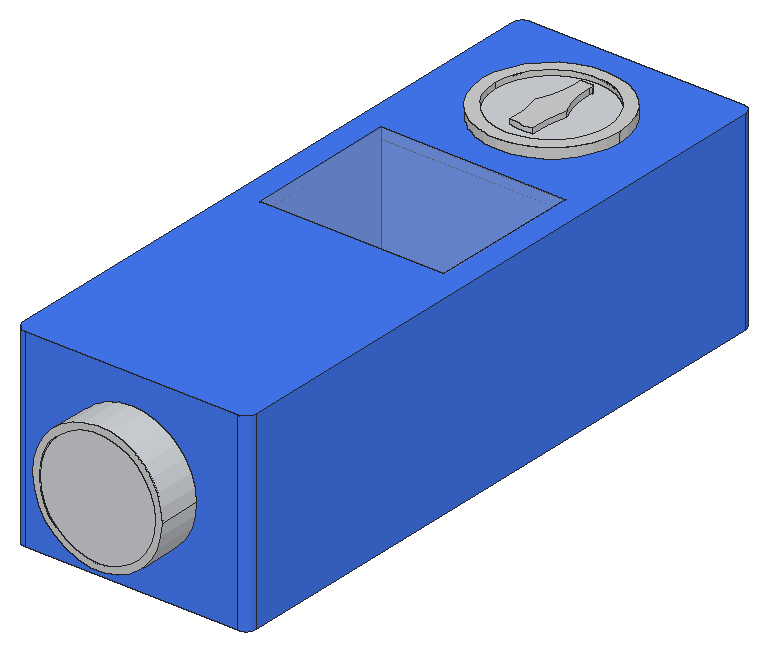
Revit family "Building-ConnessioniIEC309-GEWISS-66IB-PRESE-INTERBLOCCATE-HD_IP66_SENZA_FONDO_FUS", category Apparecchi elettrici, host Superficie, Revit 2019
Family settings
  Host = Superficie
  Mantenere orientamento annotazione = Sì
  Quota connettore circolare = Usa diametro
  Tipo di parte = Normale
  Taglio con vuoti quando caricato = Sì
  Condiviso = Sì
  Punto di calcolo locali = Sì
Parameters (values of type "GW66823 - PRESA BL.IP66 S.F.3P+T 32A 380V 3H CBF")
  volt = 0 V
  vetro = Default - Vetro
  presa = Grigio RAL - 7035
  n-poli = 1
  giallo = 0 mm
  dist_piano [instance] = 0 mm
  Vista_2d_pianta [instance] = yes
  Versione file RFA = "21.4"
  URL = "https://www.gewiss.com/it/it"
  Tipologia = "Verticale"
  Tipo fusibile = "Ø 10,3x38 mm"
  Tipo di impiego = "Impieghi gravosi"
  Termopressione con biglia = "80 °C"
  Tensione nominale = "380-440V"
  Temperatura di utilizzo = "-25 +40 °C"
  Temperatura di funzionamento = "-25 ÷ +40 °C"
  Struttura = Grigio RAL - 7035
  Simbolo presa = PRESAINDSTAGNA : 3P
  Simbolo [instance] = no
  Simb_circuito [instance] = not(Simbolo)  # yes
  Scheda Tecnica = "https://www.gewiss.com/it/it/search?q=GW66823"
  SEO = "Presa"
  Riferimento h = "3"
  Resistenza agli urti a -20Â°C = "20J"
  Resistenza agli urti = "> IK10"
  Protezione = "Base portafusibile (CBF)"
  Default Elevation = 1219.2 mm
  Produttore = "GEWISS S.p.A."
  Numero di poli = "3P+T"
  N. poli = "3P+T"
  Modello = "GW66823"
  Immagine tipo = Q.jpg
  IDT = "141e1531-28cd-4999-8b8e-ff1725cf9181"
  IDF = "c3642812-50eb-4a5c-bace-26bcdc5812ff"
  Grado di protezione = "IP66"
  Glow wire test: = "850 °C"
  Glow Wire Test = "850 °C"
  Frequenza nominale (Hz) = "50/60 Hz"
  Frequenza = "50/60 Hz"
  Distanza x [instance] = 500 mm
  Distanza orizzontale simbolo [instance] = 0 mm
  Distanza effettiva x [instance] = 1500 mm - Distanza x  # 1000 mm
  Descrizione = "PRESA BL.IP66 S.F.3P+T 32A 380V 3H CBF"
  Creato da GEWISS S.p.A. = ""
  Corrente nominale (In) = "32"
  Corrente nominale (A) = "32"
  Corpo presa = Light Blue
  Cornice simbolo [instance] = yes
  Con fondo = "No"
  Colore: = "Rosso"
  Colore = "Rosso"
  Codice Electrocod = "2222"
  Codice EAN = "8011564066380"
  Catalogo Serie = "66 IB"
  Catalogo = "BUILDING"
  COBie.Tagnumber = ""
  COBie.CreatedOn = ""
  COBie.CreatebBy = ""
  COBie.ComponentRegisterItemID = ""
  COBie.Component.TagNumber = ""
  COBie.Component.Space = ""
  COBie.Component.SerialNumber = ""
  COBie.Component.InstallationDate = ""
  COBie.Component.Description = ""
  COBie.Component.BarCode = ""
Types (23, lengths in mm): name | Tensione nominale | Scheda Tecnica | Riferimento h | Numero di poli | N. poli | Modello | IDT | Descrizione | Corrente nominale (In) | Corrente nominale (A) | Colore: | Colore | Codice EAN
  GW66801 - PRESA BL.IP66 S.F.2P+T 16A 110V 4H CBF | "100-130V" | "https://www.gewiss.com/it/it/search?q=GW66801" | "4" | "2P+T" | "2P+T" | "GW66801" | "ee06670c-6564-45c7-8cd2-fc22662df606" | "PRESA BL.IP66 S.F.2P+T 16A 110V 4H CBF" | "16" | "16" | "Giallo" | "Giallo" | "8011564065994"
  GW66802 - PRESA BL.IP66 S.F.3P+T 16A 110V 4H CBF | "100-130V" | "https://www.gewiss.com/it/it/search?q=GW66802" | "4" | "3P+T" | "3P+T" | "GW66802" | "b69cabaf-08d7-46a5-bd00-c236191d7161" | "PRESA BL.IP66 S.F.3P+T 16A 110V 4H CBF" | "16" | "16" | "Giallo" | "Giallo" | "8011564066007"
  GW66803 - PRESA BL.IP66 S.F.3P+N+T 16A 110V 4H CBF | "100-130V" | "https://www.gewiss.com/it/it/search?q=GW66803" | "4" | "3P+N+T" | "3P+N+T" | "GW66803" | "990034b9-56c4-4518-ab83-3ae7e5bcce03" | "PRESA BL.IP66 S.F.3P+N+T 16A 110V 4H CBF" | "16" | "16" | "Giallo" | "Giallo" | "8011564066014"
  GW66804 - PRESA BL.IP66 S.F.2P+T 16A 230V 6H CBF | "200-250V" | "https://www.gewiss.com/it/it/search?q=GW66804" | "6" | "2P+T" | "2P+T" | "GW66804" | "55474e20-2302-45ca-92bb-4378780daf23" | "PRESA BL.IP66 S.F.2P+T 16A 230V 6H CBF" | "16" | "16" | "Blu" | "Blu" | "8011564066021"
  GW66805 - PRESA BL.IP66 S.F.3P+T 16A 230V 9H CBF | "200-250V" | "https://www.gewiss.com/it/it/search?q=GW66805" | "9" | "3P+T" | "3P+T" | "GW66805" | "1e7b69c8-79ab-40dd-a3d8-16354a582889" | "PRESA BL.IP66 S.F.3P+T 16A 230V 9H CBF" | "16" | "16" | "Blu" | "Blu" | "8011564066038"
  GW66806 - PRESA BL.IP66 S.F.3P+N+T 16A 230V 9H CBF | "200-250V" | "https://www.gewiss.com/it/it/search?q=GW66806" | "9" | "3P+N+T" | "3P+N+T" | "GW66806" | "1eb457fe-10a1-4fcc-b1f4-08e2775c6cbe" | "PRESA BL.IP66 S.F.3P+N+T 16A 230V 9H CBF" | "16" | "16" | "Blu" | "Blu" | "8011564066045"
  GW66807 - PRESA BL.IP66 S.F.2P+T 16A 400V 9H CBF | "380-415V" | "https://www.gewiss.com/it/it/search?q=GW66807" | "9" | "2P+T" | "2P+T" | "GW66807" | "8e1191e1-efb6-49dd-9618-c9dd86efd794" | "PRESA BL.IP66 S.F.2P+T 16A 400V 9H CBF" | "16" | "16" | "Rosso" | "Rosso" | "8011564066052"
  GW66808 - PRESA BL.IP66 S.F.3P+T 16A 400V 6H CBF | "380-415V" | "https://www.gewiss.com/it/it/search?q=GW66808" | "6" | "3P+T" | "3P+T" | "GW66808" | "8794b5ab-df2a-453c-8e89-b7afce058622" | "PRESA BL.IP66 S.F.3P+T 16A 400V 6H CBF" | "16" | "16" | "Rosso" | "Rosso" | "8011564066069"
  GW66809 - PRESA BL.IP66 S.F.3P+N+T 16A 400V 6H CBF | "380-415V" | "https://www.gewiss.com/it/it/search?q=GW66809" | "6" | "3P+N+T" | "3P+N+T" | "GW66809" | "fece19ce-55a4-4864-a444-af272e526b6c" | "PRESA BL.IP66 S.F.3P+N+T 16A 400V 6H CBF" | "16" | "16" | "Rosso" | "Rosso" | "8011564066076"
  GW66810 - PRESA BL.IP66 S.F.3P+T 16A 500V 7H CBF | "480-500V" | "https://www.gewiss.com/it/it/search?q=GW66810" | "7" | "3P+T" | "3P+T" | "GW66810" | "2038791e-1dfc-480c-903e-0d5542b51898" | "PRESA BL.IP66 S.F.3P+T 16A 500V 7H CBF" | "16" | "16" | "Nero" | "Nero" | "8011564066090"
  GW66811 - PRESA BL.IP66 S.F.3P+N+T 16A 500V 7H CBF | "480-500V" | "https://www.gewiss.com/it/it/search?q=GW66811" | "7" | "3P+N+T" | "3P+N+T" | "GW66811" | "ae148f4c-8283-4d60-9318-0f78422831f6" | "PRESA BL.IP66 S.F.3P+N+T 16A 500V 7H CBF" | "16" | "16" | "Nero" | "Nero" | "8011564066106"
  GW66812 - PRESA BL.IP66 S.F.2P+T 32A 110V 4H CBF | "100-130V" | "https://www.gewiss.com/it/it/search?q=GW66812" | "4" | "2P+T" | "2P+T" | "GW66812" | "1f012fb9-c365-4355-8760-5264930d04a8" | "PRESA BL.IP66 S.F.2P+T 32A 110V 4H CBF" | "32" | "32" | "Giallo" | "Giallo" | "8011564066120"
  GW66813 - PRESA BL.IP66 S.F.3P+T 32A 110V 4H CBF | "100-130V" | "https://www.gewiss.com/it/it/search?q=GW66813" | "4" | "3P+T" | "3P+T" | "GW66813" | "09eb76ea-8ed5-4cd9-bbc1-2eab4f3c9bae" | "PRESA BL.IP66 S.F.3P+T 32A 110V 4H CBF" | "32" | "32" | "Giallo" | "Giallo" | "8011564066144"
  GW66814 - PRESA BL.IP66 S.F.3P+N+T 32A 110V 4H CBF | "100-130V" | "https://www.gewiss.com/it/it/search?q=GW66814" | "4" | "3P+N+T" | "3P+N+T" | "GW66814" | "c74b1301-24ed-44fd-ae0c-fb6582943d94" | "PRESA BL.IP66 S.F.3P+N+T 32A 110V 4H CBF" | "32" | "32" | "Giallo" | "Giallo" | "8011564066168"
  GW66815 - PRESA BL.IP66 S.F.2P+T 32A 230V 6H CBF | "200-250V" | "https://www.gewiss.com/it/it/search?q=GW66815" | "6" | "2P+T" | "2P+T" | "GW66815" | "95c38aea-8ab7-4d2e-a485-513535c49da9" | "PRESA BL.IP66 S.F.2P+T 32A 230V 6H CBF" | "32" | "32" | "Blu" | "Blu" | "8011564066182"
  GW66816 - PRESA BL.IP66 S.F.3P+T 32A 230V 9H CBF | "200-250V" | "https://www.gewiss.com/it/it/search?q=GW66816" | "9" | "3P+T" | "3P+T" | "GW66816" | "cfda6347-5b9b-4057-a89e-36ff6879eb28" | "PRESA BL.IP66 S.F.3P+T 32A 230V 9H CBF" | "32" | "32" | "Blu" | "Blu" | "8011564066199"
  GW66817 - PRESA BL.IP66 S.F.3P+N+T 32A 230V 9H CBF | "200-250V" | "https://www.gewiss.com/it/it/search?q=GW66817" | "9" | "3P+N+T" | "3P+N+T" | "GW66817" | "843a4ac8-f31c-4db5-a3d3-0be278f21a46" | "PRESA BL.IP66 S.F.3P+N+T 32A 230V 9H CBF" | "32" | "32" | "Blu" | "Blu" | "8011564066212"
  GW66818 - PRESA BL.IP66 S.F.2P+T 32A 400V 9H CBF | "380-415V" | "https://www.gewiss.com/it/it/search?q=GW66818" | "9" | "2P+T" | "2P+T" | "GW66818" | "80a0d5b5-3f13-4f67-8893-37ef35528e0a" | "PRESA BL.IP66 S.F.2P+T 32A 400V 9H CBF" | "32" | "32" | "Rosso" | "Rosso" | "8011564066236"
  GW66819 - PRESA BL.IP66 S.F.3P+T 32A 400V 6H CBF | "380-415V" | "https://www.gewiss.com/it/it/search?q=GW66819" | "6" | "3P+T" | "3P+T" | "GW66819" | "8ff4a785-0f00-4701-96d7-0687c6cdaeda" | "PRESA BL.IP66 S.F.3P+T 32A 400V 6H CBF" | "32" | "32" | "Rosso" | "Rosso" | "8011564066311"
  GW66820 - PRESA BL.IP66 S.F.3P+N+T 32A 400V 6H CBF | "380-415V" | "https://www.gewiss.com/it/it/search?q=GW66820" | "6" | "3P+N+T" | "3P+N+T" | "GW66820" | "cf4fb769-34a9-4320-a314-fe05042a68a5" | "PRESA BL.IP66 S.F.3P+N+T 32A 400V 6H CBF" | "32" | "32" | "Rosso" | "Rosso" | "8011564066335"
  GW66821 - PRESA BL.IP66 S.F.3P+T 32A 500V 7H CBF | "480-500V" | "https://www.gewiss.com/it/it/search?q=GW66821" | "7" | "3P+T" | "3P+T" | "GW66821" | "793566ea-bd20-45ec-8bff-7928c73d012b" | "PRESA BL.IP66 S.F.3P+T 32A 500V 7H CBF" | "32" | "32" | "Nero" | "Nero" | "8011564066359"
  GW66822 - PRESA BL.IP66 S.F.3P+N+T 32A 500V 7H CBF | "480-500V" | "https://www.gewiss.com/it/it/search?q=GW66822" | "7" | "3P+N+T" | "3P+N+T" | "GW66822" | "0ee152fe-0d18-463a-bf21-865fd3ec4b12" | "PRESA BL.IP66 S.F.3P+N+T 32A 500V 7H CBF" | "32" | "32" | "Nero" | "Nero" | "8011564066366"
  GW66823 - PRESA BL.IP66 S.F.3P+T 32A 380V 3H CBF | "380-440V" | "https://www.gewiss.com/it/it/search?q=GW66823" | "3" | "3P+T" | "3P+T" | "GW66823" | "141e1531-28cd-4999-8b8e-ff1725cf9181" | "PRESA BL.IP66 S.F.3P+T 32A 380V 3H CBF" | "32" | "32" | "Rosso" | "Rosso" | "8011564066380"
Reference planes
  plane 1 "Centro (Fronte/Retro)": y = 0
  plane 2: z = 0
  plane 3 "Centro (Sinistra/Destra)": x = 0
  plane 4: z = -2
  plane 5: x = -500
  plane 6: x = -1500
  plane 7: x = -500
  plane 8: through (-170.762, -4572, -38.353) normal (-0.6157, 0, 0.788)
  plane 9: x = -51.152
  plane 10: x = 53.222
  plane 11: z = -2
  plane 12: x = -74
  plane 13: x = 74
  plane 14: y = 392
  plane 15: y = -2
Forms (mm)
  Extrusion 1, solid, detail levels coarse
    sketch origin (0, 0, 0) x (1, 0, 0) y (0, 1, 0)
      loop
        line (-74, 392) -> (-74, -2) -> (74, -2) -> (74, 392) -> (-74, 392)
    from 0 to 123
Lines and regions (mm)
  Masking region 1, visible <- "Vista_2d_pianta"
    outline origin (0, 0, 0) x (1, 0, 0) y (0, 0, 1)
  Masking region 2, visible <- "Vista_2d_pianta"
    outline origin (0, 0, 0) x (1, 0, 0) y (0, 0, 1)
      loop
        line (-74, 0) -> (74, 0) -> (74, 123) -> (-74, 123) -> (-74, 0)
Dimensions and locks
  locked: plane 2 to plane 4 at 2
  "Distanza effettiva x": plane 5 to plane 6
  plane 3 "Centro (Sinistra/Destra)" to plane 6 = 1500 mm
  "Distanza effettiva x": plane 6 to plane 7
  locked: plane 15 to plane 1 "Centro (Fronte/Retro)" at 2
  locked: plane 12 to nested 1 at 2
  locked: nested 1 to plane 13 at 2
  locked: plane 14 to nested 1 at 2
  "dist_piano": plane 11 to plane 4
  plane 6 to plane 3 "Centro (Sinistra/Destra)" = 1500 mm
  angle plane 8 to plane 4 = 142.00°
  angle plane 7 to plane 8 = 128.00°
  aligned and locked: plane 2 to host face
  aligned and locked: level to host face
  aligned and locked: plane 3 "Centro (Sinistra/Destra)" to nested 1
  aligned and locked: plane 7 to nested 2
  aligned and locked: plane 7 to nested 3
  aligned and locked: Masking region 2 to plane 12
  aligned and locked: plane 13 to Masking region 2
  aligned and locked: Masking region 2 to level
  aligned and locked: nested 1 to plane 11
  aligned and locked: Masking region 2 to nested 1
  aligned and locked: Extrusion 1 sketch curve to plane 12
  aligned and locked: Extrusion 1 sketch curve to plane 14
  aligned and locked: Extrusion 1 sketch curve to plane 13
  aligned and locked: Extrusion 1 sketch curve to plane 15
  aligned and locked: Extrusion 1 to nested 1
  aligned and locked: Extrusion 1 to level
Automatic sketch dimensions
  host sketch curve to host sketch curve = 2438.4 mm  (x2)
  Masking region 2 sketch curve to plane 10 = 20.778 mm
  plane 9 to Masking region 2 sketch curve = 22.848 mm
  level to Masking region 2 sketch curve = 0 mm
  Masking region 2 sketch curve to Masking region 2 sketch curve = 123 mm
Nested families
  nested 1: "GW66824_no fondo_master" at (0, 0, -77), type "GW66824_no fondo_master", detail levels medium+fine
  nested 2: "simbolo_circuitoGW66324N" at (-500, 30.442, 0), Distanza dal muro <- "Distanza orizzontale simbolo", SIMBOLO ACCESO <- "Simb_circuito", type "3P"
  nested 3: "PRESAINDSTAGNA" at (-500, 23.722, 0), Distanza dal muro <- "Distanza orizzontale simbolo", SIMBOLO ACCESO <- "Simbolo", type "3P"
    with SIMBOLO ACCESO no, Distanza dal muro 0 mm, BORDO ACCESO yes
Connectors
  electrical at (0, 195.052, -2), driven by "n-poli", driven by "volt"
    settings: on nested 1, index 1, voltage 0 V, apparent load 0 VA, apparent load phase1 0 VA, apparent load phase2 0 VA, apparent load phase3 0 VA, power factor 1, load classification "Altro", number of poles 1, system type 31, power factor state 1, is connector primary yes, connector utility no, sub classification motor no, connector description ""
Definition of nested family "GW66824_no fondo_master"
  Parameters (values of type "GW66824_no fondo_master")
    w = 144 mm
    sp_interbloccata = 119 mm
    d_piano = 75 mm
    corpo presa = none
    Vetro = none
    Struttura = none
    Spessore = 30 mm
    Raggio = 40 mm
    Default Elevation = 14 mm
    Presa = none
    Lunghezza = 103 mm
    IFC.TypeObject = ""
    IFC.ExportType = ""
    IFC.ExportAs = ""
    H_da terra = 586.883 mm
    COBie.CreatedOn = ""
    COBie.CreatebBy = ""
    COBie.ComponentRegisterItemID = ""
    COBie.Component.TagNumber = ""
    COBie.Component.Space = ""
    COBie.Component.SerialNumber = ""
    COBie.Component.InstallationDate = ""
    COBie.Component.Description = ""
    COBie.Component.BarCode = ""
    Altezza = 390 mm
  Reference planes
    plane 1 "Centro (Fronte/Retro)": y = 0
    plane 2: z = 0
    plane 3 "Centro (Sinistra/Destra)": x = 0
    plane 4 "presa": z = 210
    plane 5: z = 200
    plane 6: z = 194
    plane 7: x = -72
    plane 8: x = 72
    plane 9: y = 390
    plane 10: y = 0
    plane 11: y = 324
    plane 12: z = 197
    plane 13: y = 217
    plane 14: x = -57
    plane 15: x = 57
    plane 16: y = 264
    plane 17: y = 170
    plane 18: z = 84.858
    plane 19: z = 187.562
    plane 20: z = 75
    plane 21: z = 136.21
    plane 22 "presa fronte": y = -26
  Forms (mm)
    Extrusion 1, solid, material <- "Struttura"
      sketch origin (0, -427.104, -30) x (1, 0, 0) y (0, 1, 0)
        loop
          circle (0, 751.104) r 34.75
        loop
          circle (0, 751.104) r 42.079
      from 224 to 230
    Extrusion 2, solid, material <- "Struttura"
      sketch origin (0, -427.104, -30) x (1, 0, 0) y (0, 1, 0)
        loop
          arc (-9.552, 750.899) -> (-7.429, 739.645) -> (-7.314, 728.193) r 64.983
          arc (-7.314, 728.193) -> (-0.131, 727.067) -> (7.064, 728.115) r 24.316
          arc (7.064, 728.115) -> (7.302, 739.566) -> (9.547, 750.796) r 64.983
          arc (9.547, 750.796) -> (5.519, 762.425) -> (4.215, 774.661) r 54.251
          line (4.215, 774.661) -> (4.25, 777.658)
          arc (4.25, 777.658) -> (3.985, 778.329) -> (3.336, 778.647) r 1
          arc (3.336, 778.647) -> (0.147, 778.794) -> (-3.043, 778.682) r 39.364
          arc (-3.043, 778.682) -> (-3.695, 778.371) -> (-3.967, 777.702) r 1
          line (-3.967, 777.702) -> (-3.964, 774.706)
          arc (-3.964, 774.706) -> (-5.4, 762.483) -> (-9.552, 750.899) r 54.251
      from 224 to 230
    Extrusion 3, solid, material <- "corpo presa"
      sketch origin (-2.5, -699.604, -30) x (1, 0, 0) y (0, 1, 0)
        loop
          arc (74.5, 1083.298) -> (72.653, 1087.757) -> (68.194, 1089.604) r 6.306
          line (68.194, 1089.604) -> (-63.194, 1089.604)
          arc (-63.194, 1089.604) -> (-67.653, 1087.757) -> (-69.5, 1083.298) r 6.306
          line (-69.5, 1083.298) -> (-69.5, 706.118)
          arc (-69.5, 706.118) -> (-67.592, 701.512) -> (-62.985, 699.604) r 6.515
          line (-62.985, 699.604) -> (67.985, 699.604)
          arc (67.985, 699.604) -> (72.592, 701.512) -> (74.5, 706.118) r 6.515
          line (74.5, 706.118) -> (74.5, 1083.298)
      from 105 to 224
    Extrusion 4, solid
      sketch origin (0, 0, 210) x (0, -1, 0) y (1, 0, 0)
        loop
          circle (-324, 0) r 34.75
      from -16 to -13
    Extrusion 5, void
      sketch origin (0, 0, 210) x (0, -1, 0) y (1, 0, 0)
        loop
          line (-170, -57) -> (-170, 57) -> (-264, 57) -> (-264, -57) -> (-170, -57)
      from -125.142 to -16
    Extrusion 6, solid, material <- "Vetro"
      sketch origin (0, 0, 210) x (0, -1, 0) y (1, 0, 0)
        loop
          line (-170, -57) -> (-170, 57) -> (-264, 57) -> (-264, -57) -> (-170, -57)
      from -22.438 to -16
    Extrusion 7, solid, material <- "Presa"
      sketch origin (0, 0, 0) x (1, 0, 0) y (0, 0, 1)
        loop
          circle (0, 136.21) r 40
        loop
          circle (0, 136.21) r 36
      from 0 to 26
    Extrusion 8, solid
      sketch origin (0, 0, 0) x (1, 0, 0) y (0, 0, 1)
        loop
          circle (0, 136.21) r 40
      from 0 to 26
  Cuts and joins
    Extrusion 5 cuts Extrusion 3
  Lines and regions (mm)
    symbolic lines
      curve 1: line (0, -26, 178.929) -> (0, -26, 99.929)
      curve 2: line (50, -26, 136.21) -> (-50, -26, 136.21)
  Dimensions and locks
    locked: plane 5 to plane 4 "presa" at 10
    locked: plane 6 to plane 5 at 6
    equal spacing: plane 7, plane 3 "Centro (Sinistra/Destra)", plane 8
    "w": plane 7 to plane 8
    "Altezza": plane 1 "Centro (Fronte/Retro)" to plane 9
    locked: plane 9 to plane 11 at 66
    locked: plane 12 to plane 6 at 3
    locked: plane 9 to plane 13 at 173
    equal spacing: plane 14, plane 3 "Centro (Sinistra/Destra)", plane 15
    plane 14 to plane 15 = 114 mm
    equal spacing: plane 16, plane 13, plane 17
    locked: plane 16 to plane 17 at 94
    locked: plane 6 to plane 19 at 6.438
    "sp_interbloccata": plane 6 to plane 20
    "d_piano": plane 20 to level
    locked: plane 18 to plane 20 at 9.858
    locked: plane 22 "presa fronte" to plane 10 at 26
    equal spacing: plane 18, plane 21, plane 19
    diameter of Extrusion 1 sketch curve = 69.5 mm
    radius of Extrusion 4 sketch curve = 34.75 mm
    aligned and locked: level to plane 2
    aligned and locked: Extrusion 1 to Extrusion 3
    aligned and locked: Extrusion 2 to Extrusion 1
    aligned and locked: Extrusion 1 to Extrusion 2
    aligned and locked: Extrusion 3 to plane 6
    aligned and locked: Extrusion 1 to plane 5
    aligned and locked: Extrusion 3 sketch curve to plane 7
    aligned and locked: Extrusion 3 sketch curve to plane 8
    aligned and locked: Extrusion 3 sketch curve to plane 9
    aligned and locked: plane 10 to Extrusion 3 sketch curve
    aligned and locked: plane 10 to plane 1 "Centro (Fronte/Retro)"
    aligned and locked: plane 11 to Extrusion 1 sketch curve
    aligned and locked: plane 3 "Centro (Sinistra/Destra)" to Extrusion 1 sketch curve
    aligned and locked: plane 3 "Centro (Sinistra/Destra)" to Extrusion 4 sketch curve
    aligned and locked: plane 11 to Extrusion 4 sketch curve
    aligned and locked: plane 6 to Extrusion 4
    aligned and locked: plane 12 to Extrusion 4
    aligned and locked: Extrusion 5 sketch curve to plane 14
    aligned and locked: Extrusion 5 sketch curve to plane 17
    aligned and locked: Extrusion 5 sketch curve to plane 15
    aligned and locked: Extrusion 5 sketch curve to plane 16
    aligned and locked: Extrusion 5 to plane 18
    aligned and locked: Extrusion 5 to plane 6
    aligned and locked: Extrusion 6 sketch curve to plane 14
    aligned and locked: Extrusion 6 sketch curve to plane 17
    aligned and locked: Extrusion 6 sketch curve to plane 16
    aligned and locked: Extrusion 6 sketch curve to plane 15
    aligned and locked: Extrusion 6 to plane 19
    aligned and locked: Extrusion 6 to plane 6
    aligned and locked: plane 20 to cut or joined group of Extrusion 3, Extrusion 5
    aligned and locked: plane 3 "Centro (Sinistra/Destra)" to Extrusion 7 sketch curve
    aligned and locked: plane 21 to Extrusion 7 sketch curve
    aligned and locked: Extrusion 7 to plane 22 "presa fronte"
    aligned and locked: plane 3 "Centro (Sinistra/Destra)" to Extrusion 8 sketch curve
    aligned and locked: plane 21 to Extrusion 8 sketch curve
    aligned and locked: Extrusion 8 to plane 1 "Centro (Fronte/Retro)"
    aligned and locked: Extrusion 8 to plane 22 "presa fronte"
    aligned and locked: plane 3 "Centro (Sinistra/Destra)" to curve 1
    aligned and locked: curve 2 to plane 21
  Automatic sketch dimensions
    Extrusion 2 sketch curve to plane 3 "Centro (Sinistra/Destra)" = 0 mm
    Extrusion 2 sketch curve to plane 3 "Centro (Sinistra/Destra)" = 0.064 mm
    Extrusion 2 sketch curve to plane 3 "Centro (Sinistra/Destra)" = 2.967 mm
    Extrusion 2 sketch curve to Extrusion 2 sketch curve = 0.997 mm
    Extrusion 2 sketch curve to Extrusion 2 sketch curve = 1 mm  (x2)
    Extrusion 2 sketch curve to Extrusion 2 sketch curve = 54.251 mm
    Extrusion 2 sketch curve to Extrusion 2 sketch curve = 13.883 mm
    plane 3 "Centro (Sinistra/Destra)" to Extrusion 2 sketch curve = 3.25 mm
    Extrusion 2 sketch curve to Extrusion 2 sketch curve = 0.965 mm
    Extrusion 2 sketch curve to Extrusion 2 sketch curve = 54.25 mm
    Extrusion 2 sketch curve to Extrusion 2 sketch curve = 13.435 mm
    Extrusion 2 sketch curve to plane 1 "Centro (Fronte/Retro)" = 305.393 mm
    Extrusion 2 sketch curve to plane 1 "Centro (Fronte/Retro)" = 306.167 mm
    Extrusion 2 sketch curve to plane 1 "Centro (Fronte/Retro)" = 312.327 mm
    Extrusion 2 sketch curve to Extrusion 2 sketch curve = 11.953 mm
    Extrusion 2 sketch curve to Extrusion 2 sketch curve = 41.757 mm
    Extrusion 2 sketch curve to Extrusion 2 sketch curve = 23.278 mm
    Extrusion 2 sketch curve to Extrusion 2 sketch curve = 0.044 mm
    Extrusion 2 sketch curve to Extrusion 2 sketch curve = 41.61 mm
    Extrusion 2 sketch curve to Extrusion 2 sketch curve = 2.99 mm
    Extrusion 2 sketch curve to Extrusion 2 sketch curve = 0.007 mm
    Extrusion 2 sketch curve to Extrusion 2 sketch curve = 2.979 mm
    Extrusion 2 sketch curve to Extrusion 2 sketch curve = 0.018 mm
    Extrusion 2 sketch curve to Extrusion 2 sketch curve = 0 mm
    Extrusion 2 sketch curve to plane 3 "Centro (Sinistra/Destra)" = 7.314 mm
    Extrusion 2 sketch curve to Extrusion 2 sketch curve = 9.552 mm
    plane 3 "Centro (Sinistra/Destra)" to Extrusion 2 sketch curve = 7.064 mm
    Extrusion 3 sketch curve to Extrusion 3 sketch curve = 6.306 mm  (x2)
    Extrusion 3 sketch curve to Extrusion 3 sketch curve = 6.515 mm  (x2)
    Extrusion 1 sketch curve to Extrusion 1 sketch curve = 0 mm  (x2)
    Extrusion 7 sketch curve to Extrusion 7 sketch curve = 0 mm  (x2)
    plane 18 to curve 1 = 15.071 mm
    curve 1 to plane 19 = 8.633 mm
    curve 2 to plane 14 = 7 mm
    plane 15 to curve 2 = 7 mm
    radius of Extrusion 1 sketch curve = 42.079 mm
    radius of Extrusion 7 sketch curve = 40 mm
    radius of Extrusion 7 sketch curve = 36 mm
    radius of Extrusion 8 sketch curve = 40 mm
Definition of nested family "simbolo_circuitoGW66324N"
  Parameters (values of type "3P")
    SIMBOLO ACCESO [instance] = yes
    SIMBOLO = PRESAINDSTAGNA_BASE : 3P
    Distanza dal muro [instance] = 0 mm
    BORDO ACCESO [instance] = yes
  Reference planes
    plane 1: y = 0
    plane 2: x = 0
  Dimensions and locks
    "Distanza dal muro": plane 1 to nested 1
    aligned and locked: plane 2 to nested 1
  Nested families
    nested 1: "GW66201N-simb_base_di circuito" at (0, 0, 0), visible <- "SIMBOLO ACCESO", type "3P"
      with CORNICE SIMBOLO yes
  Definition of nested family "GW66201N-simb_base_di circuito"
    Parameters (values of type "3P")
      CORNICE SIMBOLO [instance] = yes
      3P = yes
    Types (2, lengths in mm): name | 3P
      3P | yes
      2P | no
    Reference planes
      plane 1: y = 0
      plane 2: x = 0
    Lines and regions (mm)
      detail lines, not visible
        curve 1: line (-2.443, 10.208, 0) -> (2.057, 10.208, 0)
        curve 2: line (2.057, 10.208, 0) -> (2.057, 4.208, 0)
        curve 3: line (2.057, 4.208, 0) -> (-2.443, 4.208, 0)
        curve 4: line (-2.443, 4.208, 0) -> (-2.443, 10.208, 0)
        curve 5: line (-2.043, 9.808, 0) -> (1.657, 9.808, 0)
        curve 6: line (1.657, 9.808, 0) -> (1.657, 4.608, 0)
        curve 7: line (1.657, 4.608, 0) -> (-2.043, 4.608, 0)
        curve 8: line (-2.043, 4.608, 0) -> (-2.043, 9.808, 0)
    Dimensions and locks
      aligned and locked: import instance to plane 2
      aligned and locked: plane 1 to import instance
Definition of nested family "PRESAINDSTAGNA"
  Parameters (values of type "3P")
    SIMBOLO ACCESO [instance] = yes
    SIMBOLO = PRESAINDSTAGNA_BASE : 3P
    Distanza dal muro [instance] = 0 mm
    BORDO ACCESO [instance] = yes
  Types (2): name
    2P
    3P
  Reference planes
    plane 1: y = 0
    plane 2: x = 0
  Dimensions and locks
    "Distanza dal muro": plane 1 to nested 1
    aligned and locked: plane 2 to nested 1
  Nested families
    nested 1: "PRESAINDSTAGNA_BASE" at (0, 0, 0), type <- "SIMBOLO", CORNICE SIMBOLO <- "BORDO ACCESO", visible <- "SIMBOLO ACCESO", type "3P"
  Definition of nested family "PRESAINDSTAGNA_BASE"
    Parameters (values of type "3P")
      CORNICE SIMBOLO [instance] = yes
      3P = yes
    Types (2, lengths in mm): name | 3P
      3P | yes
      2P | no
    Reference planes
      plane 1: y = 0
      plane 2: x = 0
    Lines and regions (mm)
      detail lines, not visible
        curve 1: line (-2.443, 10.208, 0) -> (2.057, 10.208, 0)
        curve 2: line (2.057, 10.208, 0) -> (2.057, 4.208, 0)
        curve 3: line (2.057, 4.208, 0) -> (-2.443, 4.208, 0)
        curve 4: line (-2.443, 4.208, 0) -> (-2.443, 10.208, 0)
        curve 5: line (-2.043, 9.808, 0) -> (1.657, 9.808, 0)
        curve 6: line (1.657, 9.808, 0) -> (1.657, 4.608, 0)
        curve 7: line (1.657, 4.608, 0) -> (-2.043, 4.608, 0)
        curve 8: line (-2.043, 4.608, 0) -> (-2.043, 9.808, 0)
      detail lines
        curve 9: line (-0.333, 0.928, 0) -> (-0.05, 0.928, 0)
        curve 10: line (-0.05, 0.928, 0) -> (0.417, 1.737, 0)
        curve 11: line (0.417, 1.737, 0) -> (0.764, 1.537, 0)
        curve 12: line (-0.05, 0.928, 0) -> (-0.333, 0.437, 0)
        curve 13: line (-0.333, 0.437, 0) -> (-0.333, 2.059, 0)
        curve 14: line (0.222, 1.399, 0) -> (0.569, 1.199, 0)
        curve 15: line (-0.723, 0.437, 0) -> (0.057, 0.437, 0)
        curve 16: line (-0.333, 0.81, 0) -> (-0.216, 0.928, 0)
        curve 17: line (-0.333, 0.741, 0) -> (-0.147, 0.928, 0)
        curve 18: line (-0.333, 0.672, 0) -> (-0.078, 0.928, 0)
        curve 19: line (-0.333, 0.603, 0) -> (-0.106, 0.831, 0)
        curve 20: line (-0.333, 0.534, 0) -> (-0.2, 0.668, 0)
        curve 22: arc (-0.723, 0.047, 0) -> (-0.333, 0.437, 0) -> (0.057, 0.047, 0) r 0.39
        curve 23: line (-0.8, 2.1, 0) -> (0.8, 2.1, 0)
        curve 24: line (-0.8, 0, 0) -> (-0.8, 2.1, 0)
        curve 25: line (0.8, 0, 0) -> (-0.8, 0, 0)
        curve 26: line (0.8, 2.1, 0) -> (0.8, 0, 0)
      detail lines, visible <- "3P"
        curve 21: line (0.028, 1.061, 0) -> (0.374, 0.861, 0)
